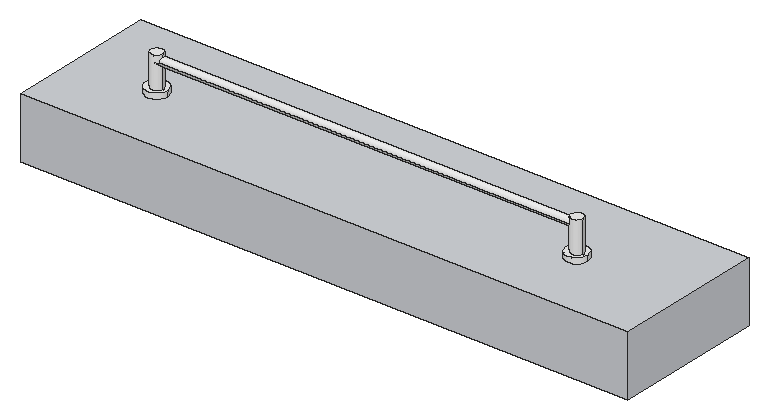
Revit family
Parameters
  URL = "http://caroma.com.au/bathrooms/bathroom-accessories/cosmo/cosmo-metal-single-towel-rail-900mm"
  Model = "Cosmo Single Towel Rail - 900mm"
  Manufacturer = "Caroma"
  Length = 885 mm
  Description = "Contemporary style doesn’t have to mean edges and angles with the Caroma Cosmo Accessory range. Offering a stylish design with smooth, clean lines at a surprisingly economical price, Cosmo Accessories create the perfect finishing touch for any bathroom."
  Default Elevation = 0 mm
  Caroma Rail Material = Caroma Chrome
Reference planes
  plane 1 "Center (Front/Back)": y = 0
  plane 2: z = 0
  plane 3 "Center (Left/Right)": x = 0
  plane 4 "Left": x = -442.5
  plane 5 "Right": x = 442.5
Forms (mm)
  Extrusion 1, solid
    sketch origin (0, 0, 0) x (1, 0, 0) y (0, 1, 0)
      loop
        line (-613.916, 172.522) -> (-613.916, -145.086) -> (665.66, -145.086) -> (665.66, 172.522) -> (-613.916, 172.522)
    from 0 to -127.05
  Extrusion 2, solid, material "Caroma Chrome" <- "Caroma Rail Material"
    sketch origin (-143.46, 0, 0) x (1, 0, 0) y (0, 1, 0)
      loop
        circle (-299.04, 0) r 22.944
      loop
        circle (585.96, 0) r 22.944
    from 0 to 11
  Extrusion 3, solid, material "Caroma Chrome" <- "Caroma Rail Material"
    sketch origin (-143.46, 0, 0) x (1, 0, 0) y (0, 1, 0)
      loop
        circle (-299.04, 0) r 12.5
      loop
        circle (585.96, 0) r 12.5
    from 0 to 76
  Extrusion 4, solid, material "Caroma Chrome" <- "Caroma Rail Material"
    sketch origin (-442.5, -26.334, -62.829) x (0, -1, 0) y (0, 0, 1)
      loop
        circle (-26.334, 125.83) r 8
    from -885 to 0
Lines and regions (mm)
  Masking region 1
    outline origin (-442.5, 0, 0) x (0, -1, 0) y (0, 0, 1)
      loop
        line (-22.944, 0) -> (22.944, 0) -> (22.944, 11) -> (12.496, 11) -> (12.496, 76)
        arc (12.496, 76) -> (-0.002, 77) -> (-12.5, 76) r 78.601
        line (-12.5, 76) -> (-12.5, 11) -> (-22.944, 11) -> (-22.944, 0)
  Masking region 2
    outline origin (0, 0, 0) x (1, 0, 0) y (0, 0, 1)
      loop
        line (-465.444, 0) -> (-419.556, 0) -> (-419.556, 11) -> (-430.071, 11) -> (-430.071, 55.001) -> (429.995, 55) -> (429.995, 11) -> (419.136, 11) -> (419.136, 0) -> (465.444, 0) -> (465.444, 11) -> (455.103, 11) -> (455.103, 75.984)
        arc (455.103, 75.984) -> (442.554, 76.965) -> (429.995, 76.125) r 87.014
        line (429.995, 76.125) -> (429.995, 71.204) -> (-430, 71.204) -> (-430, 76)
        arc (-430, 76) -> (-442.661, 76.987) -> (-455.322, 76) r 81.68
        line (-455.322, 76) -> (-455.322, 11) -> (-465.444, 11) -> (-465.444, 0)
  Masking region 3
    outline origin (0, 0, 0) x (1, 0, 0) y (0, 1, 0)
      loop
        arc (-421.041, 8.119) -> (-465.443, -0.127) -> (-420.952, -7.881) r 22.944
        line (-420.952, -7.881) -> (420.952, -7.881)
        arc (420.952, -7.881) -> (465.443, -0.127) -> (421.041, 8.119) r 22.944
        line (421.041, 8.119) -> (-421.041, 8.119)
  symbolic lines, style "Caroma Bathroom Accessories"
    curve 1: line (-442.5, 12.5, 11) -> (-442.5, -12.496, 11)
    curve 2: line (-454.819, 0, 11) -> (-430.071, 0, 11)
    curve 3: line (455.103, 0, 11) -> (429.995, 0, 11)
    curve 4: line (-430, 0, 55.001) -> (258.854, 0, 55.001)
    curve 5: arc (-430, 0, 71.262) -> (-433.218, 0, 63.132) -> (-430, 0, 55.001) r 11.881
    curve 6: arc (429.824, 0, 71.204) -> (432.862, 0, 63.133) -> (429.995, 0, 55) r 12.594
    curve 7: arc (421.041, 8.119, 0) -> (419.557, 0.127, 0) -> (420.952, -7.881, 0) r 22.944
    curve 8: arc (-421.041, 8.119, 0) -> (-419.557, 0.119, 0) -> (-421.041, -7.881, 0) r 22.306
Dimensions and locks
  aligned and locked: plane 2 to Extrusion 1
  aligned and locked: level to Extrusion 1
  aligned and locked: plane 1 "Center (Front/Back)" to Extrusion 2
  aligned and locked: plane 1 "Center (Front/Back)" to Extrusion 3
  aligned and locked: Extrusion 4 to plane 5 "Right"
  aligned and locked: plane 4 "Left" to Extrusion 4
